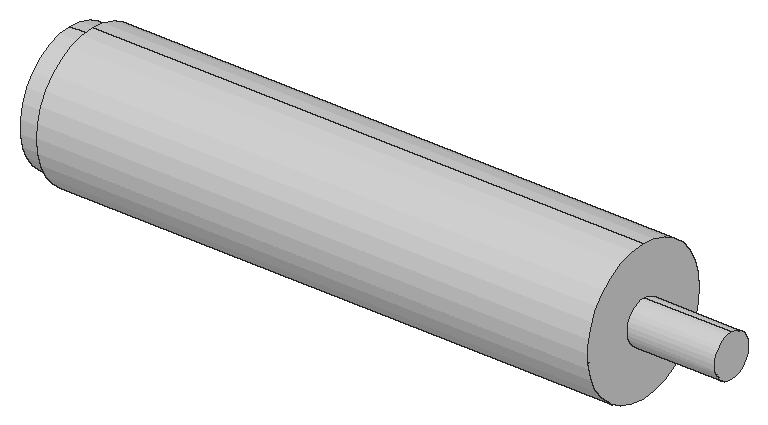
Revit family "Lagur Home", category Plumbing Fixtures, Revit 2020
Family settings
  Round Connector Dimension = Use Diameter
  Part Type = Normal
  OmniClass Number = 23.65.50.11.11.14
  OmniClass Title = Water Softeners
  Work Plane-Based = No
  Always vertical = No
  Cut with Voids When Loaded = No
  Shared = No
  Room Calculation Point = No
Parameters (values of type "DN20")
  x = (Y / 2) - 3 mm  # 28.5 mm
  Y = 63 mm
  X = 330 mm
  Weight = 2.35 kg
  Watt = 14 W  # constant formula
  Waste Connection = no
  Version = "1.0"
  Vent Connection = no
  Uniclass2015Version = ""
  Uniclass2015Title = ""
  Uniclass2015Description = "Water distribution and supply system"  # constant formula
  Uniclass2015Code = "Ss_55_70"  # constant formula
  URL = "https://lagur.dk/"
  UNSPSCCode = ""
  Thread = "3/4\" RG."
  Thread dimension in mm = 19.1 mm
  Revision = ""
  ProductInformation = ""
  NominalHeight = ""
  NominalDepth = ""
  Model = "Lagur Home"
  Manufacturer = "Lagur A/S"  # constant formula
  IfcExportType = ""
  IfcExportAs = ""
  IfcClassification = ""
  IP Rating = "IP66"  # constant formula
  HW Connection = no
  Default Elevation = 0 mm
  CobieTypeCategory = ""
  AuthorURL = "www.prodlib.com"
  Author = "ProdLib"  # constant formula
Reference planes
  plane 1 "Center (Front/Back)": y = 0
  plane 2: z = 0
  plane 3 "Center (Left/Right)": x = 0
  plane 4: x = -165
  plane 5: x = 165
  plane 6: z = 31.5
  plane 7: z = -31.5
  plane 8: x = -125
  plane 9: x = 125
  plane 10: z = 28.5
  plane 11: z = 9.55
  plane 12: z = -9.55
  plane 13: x = -135
  plane 14: y = 20
Forms (mm)
  Extrusion 1, solid, material "Steel", detail levels medium+fine
    sketch origin (0, 0, 0) x (0, 1, 0) y (0, 0, 1)
      loop
        circle (0, 0) r 31.5
    from -125 to 125
  Extrusion 2, solid, material "Steel", detail levels medium+fine
    sketch origin (0, 0, 0) x (0, 1, 0) y (0, 0, 1)
      loop
        circle (0, 0) r 28.5
    from -135 to -125
  Extrusion 3, solid, material "Steel", detail levels medium+fine
    sketch origin (0, 0, 0) x (0, 1, 0) y (0, 0, 1)
      loop
        circle (0, 0) r 9.55
    from 125 to 165
  Extrusion 4, solid, material "Steel", detail levels coarse
    sketch origin (0, 0, 0) x (0, 1, 0) y (0, 0, 1)
      loop
        circle (0, 0) r 31.5
    from -165 to 165
  Extrusion 5, solid, material "Steel", detail levels coarse
    sketch origin (0, 0, 0) x (0, 1, 0) y (0, 0, 1)
      loop
        circle (0, 0) r 9.55
    from -165 to -135
  Extrusion 6, solid, material "Steel", detail levels coarse
    sketch origin (0, 0, 0) x (0, 1, 0) y (0, 0, 1)
      loop
        circle (20, 0) r 3
    from 126 to 125
Cuts and joins
  joined: Extrusion 1, Extrusion 2, Extrusion 3
Dimensions and locks
  equal spacing: plane 4, plane 3 "Center (Left/Right)", plane 5
  "X": plane 4 to plane 5
  equal spacing: plane 6, level, plane 7
  "Y": plane 6 to plane 7
  locked: plane 4 to plane 8 at 40
  plane 9 to plane 5 = 40 mm
  "x": plane 10 to level
  equal spacing: plane 11, level, plane 12
  "Thread dimension in mm": plane 12 to plane 11
  locked: plane 13 to plane 8 at 10
  locked: plane 14 to plane 1 "Center (Front/Back)" at 20
  locked: plane 9 to Extrusion 6 at 1
  aligned and locked: level to plane 2
  aligned and locked: plane 1 "Center (Front/Back)" to Extrusion 1 sketch curve  (x2)
  aligned and locked: plane 6 to Extrusion 1 sketch curve
  aligned and locked: plane 7 to Extrusion 1 sketch curve
  aligned and locked: Extrusion 2 to plane 8
  aligned and locked: Extrusion 1 to Extrusion 2
  aligned and locked: Extrusion 1 to plane 9
  aligned and locked: Extrusion 3 to plane 5
  aligned and locked: Extrusion 4 sketch curve to cut or joined group of Extrusion 1, Extrusion 2, Extrusion 3
  aligned and locked: Extrusion 4 to plane 5
  aligned and locked: Extrusion 4 to plane 4
  aligned and locked: Extrusion 3 to Extrusion 1
  aligned and locked: plane 11 to Extrusion 3 sketch curve
  aligned and locked: plane 1 "Center (Front/Back)" to Extrusion 3 sketch curve  (x2)
  aligned and locked: plane 12 to Extrusion 3 sketch curve
  aligned and locked: plane 13 to Extrusion 2
  aligned and locked: Extrusion 5 sketch curve to cut or joined group of Extrusion 1, Extrusion 2, Extrusion 3  (x2)
  aligned and locked: Extrusion 5 to plane 4
  aligned and locked: Extrusion 5 to cut or joined group of Extrusion 1, Extrusion 2, Extrusion 3
  aligned and locked: plane 10 to Extrusion 2 sketch curve
  aligned and locked: plane 1 "Center (Front/Back)" to Extrusion 2 sketch curve
  aligned and locked: Extrusion 6 to plane 9
Automatic sketch dimensions
  Extrusion 4 sketch curve to plane 1 "Center (Front/Back)" = 0 mm  (x2)
  Extrusion 2 sketch curve to level = 0 mm
  Extrusion 6 sketch curve to level = 0 mm
  Extrusion 6 sketch curve to plane 14 = 0 mm
  Extrusion 1 sketch curve to plane 1 "Center (Front/Back)" = 0 mm
  radius of Extrusion 6 sketch curve = 3 mm
Connectors
  piping at (165, 0, 0), diameter 19.1, driven by "Thread dimension in mm"
    settings: on cut or joined group of Extrusion 1, Extrusion 2, Extrusion 3, index 1, connector inside diameter 24", connector length 0 mm, flow factor 0, pipe flow 0.0 L/s, pressure drop 0.0 Pa, fitting loss kfactor 0, connector angle 0.00°, fixture units 0, engagement length 0 mm, angle of deflection 0.00°, flow configuration 0, flow direction 2, fitting loss method 0, system type 20, joint type 0, gender type 0, connector reference index -1, connector utility 0, adjustable connector no, is connector primary yes, connector description ""
  piping at (-165, 0, 0), diameter 19.1, driven by "Thread dimension in mm"
    settings: on Extrusion 5, index 3, connector inside diameter 24", connector length 0 mm, flow factor 0, pipe flow 0.0 L/s, pressure drop 0.0 Pa, fitting loss kfactor 0, connector angle 0.00°, fixture units 0, engagement length 0 mm, angle of deflection 0.00°, flow configuration 0, flow direction 1, fitting loss method 0, system type 20, joint type 0, gender type 0, connector reference index -1, connector utility 0, adjustable connector no, is connector primary no, connector description ""
  electrical at (126, 20, 0)
    settings: on Extrusion 6, index 4, voltage 0 V, apparent load 0 VA, apparent load phase1 0 VA, apparent load phase2 0 VA, apparent load phase3 0 VA, power factor 1, load classification "Other", number of poles 1, system type 14, power factor state 1, is connector primary yes, connector utility no, sub classification motor no, connector description "r controller cable"
